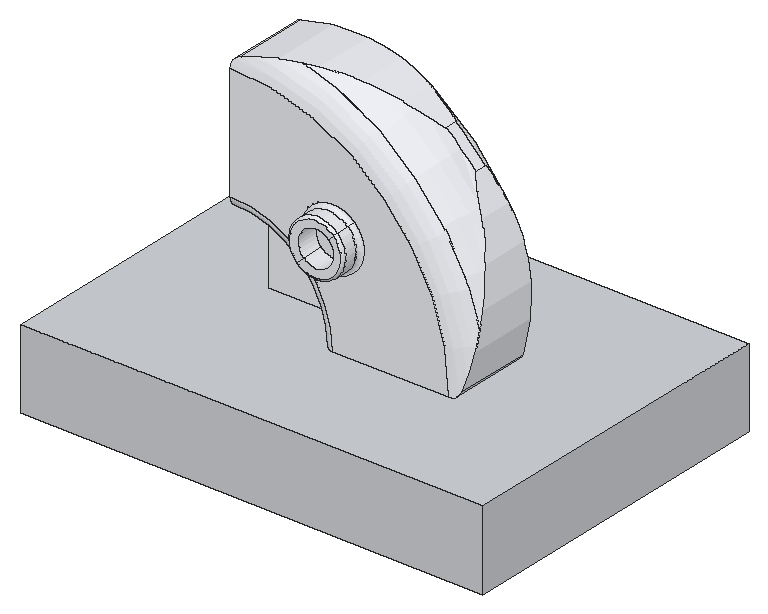
Revit family
Parameters (values of type "L.101_Branco Gelo GE17")
  WFU = 0
  Vendido Separadamente = "Sifão para lavatório: Cromado: (1680.C.100.112), Dourado (1680.D.100.112).   Slim: Cromado (1684.C.100.112), Dourado (1684.D.100.112).  Quadra: Cromado (1685.C.100.112). Articulado: Cromado (1682.C.100.112). Válvulas de escoamentos compatíveis: Luxo: Cromado (1601.C), Branco (1601.E.BR); Click: Cromado (1601.C.CLI) Competitivo: Cromado (1602.C), Dourado (1602.D); Tampão plástico: Cromado (1602.C.PLA).                                                                                                                                                                                                                                   Parafuso para fixação:  (SP.07.01).    Estabilizador para lavatório suspenso: (SP.9.01)"  # constant formula
  Variações de COR = "Branco (L.101.17); Caramelo (L.101.23); Creme (L.101.37); Cinza (L.101.87)."  # constant formula
  URL = "www.deca.com.br/produtos"
  Segmento = "Competitivo"  # constant formula
  Raio Ponto de Esgoto = 20 mm  # constant formula
  Produto = "Lavatório suspenso de canto"  # constant formula
  Peso Liquido (Kg) = 5.1
  Norma = "ABNT NBR 15097-1: 2011 / ABNT NBR 15097-2: 2011"  # constant formula
  Model = Código  # "L.101.17"
  Material = "Deca_Vitreous China"  # constant formula
  Manufacturer = "Deca"  # constant formula
  Louça/Metais = "Louça"  # constant formula
  Linha = "Izy"  # constant formula
  Lavatório = Deca GE17 Branco Gelo Cerâmica
  Informações Complementares = ""
  Flow Pressure = 0.00 psi
  Diâmetro Ponto de Esgoto = Raio Ponto de Esgoto * 2  # 40 mm
  Description = "Lavatório suspenso"  # constant formula
  Default Elevation = 800 mm
  Código = "L.101.17"
  Criado por = "Contino/quattroD"  # constant formula
  Atendimento ao Cliente = "0800-0117073 "  # constant formula
  Assembly Code = "D2010300"
  Aprovado por = "Contino/quattroD"  # constant formula
  Acompanha do Producto = ""
Types (4, lengths in mm): name | Model | Lavatório | Código
  L.101_Branco Gelo GE17 | "L.101.17" | Deca GE17 Branco Gelo Cerâmica | "L.101.17"
  L.101_Caramelo CA23 | "L.101.23" | Deca CA23 Caramelo Cerâmica | "L.101.23"
  L.101_Creme CR37 | "L.101.37" | Deca CR37 Creme Cerâmica | "L.101.37"
  L.101_Cinza Real CZ87 | "L.101.87" | Deca CZ87 Cinza Real Cerâmica | "L.101.87"
Reference planes
  plane 1 "Center (Front/Back)": y = 0
  plane 2: z = 0
  plane 3 "Center (Left/Right)": x = 0
  plane 4 "Right 1": x = 169.896
  plane 5 "Front  2": z = 299.168
  plane 6 "Left 1": x = -129.259
  plane 7 "Front 1": z = 127.771
  plane 8 "Bottom 1": y = -150
Forms (mm)
  Extrusion 1, solid
    sketch origin (0, 0, 0) x (1, 0, 0) y (0, 1, 0)
      loop
        line (-274.185, 145.426) -> (-274.185, -271.813) -> (307.949, -271.813) -> (307.949, 145.426) -> (-274.185, 145.426)
    from 0 to -100
  Revolve 2, solid, material "Deca GE17 Branco Gelo Cerâmica" <- "Lavatório"
    sketch origin (-129.272, -150, 0) x (0, 1, 0) y (0.707107, 0, 0.707107)
      loop
        line (125.425, 0) -> (125.425, 319.149)
        arc (125.425, 319.149) -> (122.247, 326.822) -> (114.575, 330) r 10.851
        line (114.575, 330) -> (98.772, 330)
        arc (98.772, 330) -> (70.277, 324.719) -> (45.568, 309.577) r 79.513
        arc (45.568, 309.577) -> (33.379, 293.975) -> (27.26, 275.146) r 57.007
        line (27.26, 275.146) -> (27.26, 129.272)
        arc (27.26, 129.272) -> (30.429, 120.798) -> (38.379, 116.481) r 12.917
        line (38.379, 116.481) -> (75.165, 116.481)
        arc (75.165, 116.481) -> (84.143, 112.762) -> (87.863, 103.783) r 12.698
        line (87.863, 103.783) -> (87.863, 0) -> (125.425, 0)
      axis (125.425, 0) -> (27.26, 0)
    angle from -45 to 45
  Extrusion 3, void
    sketch origin (-129.272, -24.575, 0) x (0.707107, 0, -0.707107) y (0.707107, 0, 0.707107)
      loop
        arc (0, 330) -> (115.678, 299.236) -> (197.148, 211.541) r 215.723
        arc (197.148, 211.541) -> (198.862, 204.345) -> (197.148, 197.148) r 15.969
        line (197.148, 197.148) -> (245, 197.148) -> (245, 330) -> (0, 330)
    from -25.47 to 194.023
  Extrusion 4, void
    sketch origin (-129.272, -24.575, 0) x (-0.707107, 0, 0.707107) y (-0.707107, 0, -0.707107)
      loop
        line (0, -330) -> (245, -330) -> (245, -197.148) -> (197.148, -197.148)
        arc (197.148, -197.148) -> (198.862, -204.345) -> (197.148, -211.541) r 15.969
        arc (197.148, -211.541) -> (115.678, -299.236) -> (0, -330) r 215.723
    from -19.441 to 129.303
  Blend 5, void
    base sketch origin (-129.272, -174.575, 0) x (0.707107, 0, -0.707107) y (-0.707107, 0, -0.707107)
      loop
        line (146.71, -210.473) -> (76.716, -140.478) -> (-76.716, -140.478) -> (-146.71, -210.473)
        arc (-146.71, -210.473) -> (0, -290.478) -> (146.71, -210.473) r 174.518
    top sketch origin (-129.272, -174.575, 0) x (0.707107, 0, -0.707107) y (-0.707107, 0, -0.707107)
      loop
        arc (164.879, -219.169) -> (165.162, -207.345) -> (160.852, -196.33) r 30.002
        line (160.852, -196.33) -> (85, -120.478) -> (-85, -120.478) -> (-160.852, -196.33)
        arc (-160.852, -196.33) -> (-165.162, -207.345) -> (-164.879, -219.169) r 30.002
        arc (-164.879, -219.169) -> (0, -310.478) -> (164.879, -219.169) r 194.518
    from 62.954 to 165.055
  Revolve 6, solid, material "Deca GE17 Branco Gelo Cerâmica" <- "Lavatório"
    sketch origin (-125.152, -150, 2.619) x (0, 1, 0) y (0.707107, 0, 0.707107)
      loop
        arc (27.26, 215.478) -> (24.881, 211.892) -> (20.697, 210.883) r 5.887
        line (20.697, 210.883) -> (4.4, 210.883)
        arc (4.4, 210.883) -> (1.859, 210.202) -> (0, 208.342) r 5.08
        line (0, 208.342) -> (0, 176.005) -> (27.26, 176.005) -> (27.26, 215.478)
      axis (27.26, 176.005) -> (0, 176.005)
    angle from 0 to 360
  Revolve 7, void
    sketch origin (-125.152, -132.025, 2.619) x (0, 1, 0) y (0.707107, 0, 0.707107)
      loop
        line (-25.477, 200.478) -> (-25.477, 177.978) -> (26.726, 177.978) -> (26.726, 206.506) -> (20.697, 200.478) -> (-25.477, 200.478)
      axis (26.726, 177.978) -> (-25.477, 177.978)
    angle from 0 to 360
  Extrusion 8, solid, material "Deca GE17 Branco Gelo Cerâmica" <- "Lavatório"
    sketch origin (-129.272, -150, 0) x (0.707107, 0, -0.707107) y (0.707107, 0, 0.707107)
      loop
        line (120.478, 120.478) -> (-120.478, 120.478) -> (0, 0) -> (120.478, 120.478)
      loop
        circle (0, 70.956) r 17.5
    from -150 to -125.425
  Extrusion 9, solid, material "Deca GE17 Branco Gelo Cerâmica" <- "Lavatório"
    sketch origin (0, 0, 0) x (1, 0, 0) y (0, 0, 1)
      loop
        circle (-79.099, 50.173) r 17.5
    from 0 to 2
Cuts and joins
  Extrusion 3, Extrusion 4, Blend 5 cuts Revolve 2
  Blend 5 cuts Extrusion 8
  Revolve 7 cuts Revolve 6
Lines and regions (mm)
  Masking region 1
    outline origin (-129.272, 0, 0) x (0.707107, 0, -0.707107) y (0.707107, 0, 0.707107)
      loop
        arc (0, 330) -> (-115.678, 299.236) -> (-197.148, 211.541) r 215.723
        arc (-197.148, 211.541) -> (-198.862, 204.345) -> (-197.148, 197.148) r 15.969
        line (-197.148, 197.148) -> (0, 0) -> (197.148, 197.148)
        arc (197.148, 197.148) -> (198.862, 204.345) -> (197.148, 211.541) r 15.969
        arc (197.148, 211.541) -> (115.678, 299.236) -> (0, 330) r 215.723
      loop
        circle (0, 70.956) r 17.5
  Masking region 2
    outline origin (0, -24.575, 0) x (0, 1, 0) y (0, 0, 1)
      loop
        line (24.575, 3) -> (24.575, 114.588)
        arc (24.575, 114.588) -> (23.831, 116.565) -> (21.968, 117.562) r 3
        arc (21.968, 117.562) -> (9.552, 124.207) -> (4.593, 137.389) r 20
        line (4.593, 137.389) -> (4.593, 318.087)
        arc (4.593, 318.087) -> (2.299, 326.291) -> (-5.381, 329.975) r 10.319
        arc (-5.381, 329.975) -> (-31.333, 328.291) -> (-56.296, 320.997) r 118.722
        arc (-56.296, 320.997) -> (-70.082, 314.867) -> (-81.661, 305.193) r 54.527
        arc (-81.661, 305.193) -> (-87.939, 296.749) -> (-92.479, 287.256) r 54.527
        arc (-92.479, 287.256) -> (-93.078, 285.522) -> (-93.618, 283.769) r 54.527
        arc (-93.618, 283.769) -> (-95.129, 274.562) -> (-94.993, 265.233) r 52.727
        line (-94.993, 265.233) -> (-95, 223.444)
        arc (-95, 223.444) -> (-97.929, 216.373) -> (-105, 213.444) r 10
        line (-105, 213.444) -> (-124.425, 213.444)
        arc (-124.425, 213.444) -> (-125.133, 213.151) -> (-125.425, 212.444) r 1
        line (-125.425, 212.444) -> (-125.425, 141.073)
        arc (-125.425, 141.073) -> (-125.133, 140.366) -> (-124.425, 140.073) r 1
        line (-124.425, 140.073) -> (-105.312, 140.073)
        arc (-105.312, 140.073) -> (-98.226, 137.129) -> (-95.312, 130.031) r 10
        arc (-95.312, 130.031) -> (-92.052, 121.869) -> (-84.104, 118.117) r 12
        line (-84.104, 118.117) -> (-48.719, 115.778)
        arc (-48.719, 115.778) -> (-40.78, 111.991) -> (-37.556, 103.807) r 12
        line (-37.556, 103.807) -> (-37.556, 0) -> (21.575, 0)
        arc (21.575, 0) -> (23.696, 0.879) -> (24.575, 3) r 3
  Masking region 3
    outline origin (0, 0, 0) x (1, 0, 0) y (0, 1, 0)
      loop
        arc (-115.844, 0) -> (-117.855, -0.772) -> (-118.833, -2.692) r 3.006
        arc (-118.833, -2.692) -> (-123.661, -14.636) -> (-135.371, -20.008) r 17.439
        line (-135.371, -20.008) -> (-193.723, -20.008)
        arc (-193.723, -20.008) -> (-197.933, -21.097) -> (-201.088, -24.091) r 8.686
        arc (-201.088, -24.091) -> (-202.713, -27.91) -> (-203.085, -32.045) r 13.334
        arc (-203.085, -32.045) -> (-202.054, -51.447) -> (-199.52, -70.711) r 250.044
        arc (-199.52, -70.711) -> (-177.556, -107.467) -> (-136.577, -119.887) r 59.366
        line (-136.577, -119.887) -> (-46.685, -119.887)
        arc (-46.685, -119.887) -> (-39.614, -122.816) -> (-36.685, -129.887) r 10
        line (-36.685, -129.887) -> (-36.685, -150) -> (36.685, -150) -> (36.685, -129.887)
        arc (36.685, -129.887) -> (39.614, -122.816) -> (46.685, -119.887) r 10
        line (46.685, -119.887) -> (136.577, -119.887)
        arc (136.577, -119.887) -> (177.556, -107.467) -> (199.52, -70.711) r 59.366
        arc (199.52, -70.711) -> (202.054, -51.447) -> (203.085, -32.045) r 250.044
        arc (203.085, -32.045) -> (202.713, -27.91) -> (201.088, -24.091) r 13.334
        arc (201.088, -24.091) -> (197.933, -21.097) -> (193.723, -20.008) r 8.686
        line (193.723, -20.008) -> (135.371, -20.008)
        arc (135.371, -20.008) -> (123.661, -14.636) -> (118.833, -2.692) r 17.439
        arc (118.833, -2.692) -> (117.855, -0.772) -> (115.844, 0) r 3.006
        line (115.844, 0) -> (-115.844, 0)
  symbolic lines
    curve 1: arc (142.291, 0, 38.388) -> (90.269, 0, 219.541) -> (-90.884, 0, 271.563) r 194.518
    curve 2: arc (123.294, 0, 25.087) -> (134.13, 0, 29.828) -> (142.291, 0, 38.388) r 30.002
    curve 3: line (16.023, 0, 25.087) -> (123.294, 0, 25.087)
    curve 4: arc (-90.884, 0, 271.563) -> (-99.444, 0, 263.402) -> (-104.185, 0, 252.566) r 30.002
    curve 5: line (-104.185, 0, 252.566) -> (-104.185, 0, 145.295)
    curve 6: line (41.11, 0, 0) -> (-129.272, 0, 170.382)
    curve 7: circle (0, 0, 127.771) r 22.5 normal (0, -1, 0)
    curve 8: circle (0, 0, 127.771) r 32.5 normal (0, -1, 0)
    curve 9: line (0, -119.574, 223.444) -> (0, -119.574, 127.771)
    curve 12: line (-46.685, -119.887, 0) -> (46.685, -119.887, 0)
    curve 13: line (-135.371, -20.008, 0) -> (135.371, -20.008, 0)
  model lines
    curve 10: line (-91.473, 0, 37.799) -> (-66.724, 0, 62.548)
    curve 11: line (-91.473, 0, 62.548) -> (-66.724, 0, 37.799)
Dimensions and locks
  plane 6 "Left 1" to plane 4 "Right 1" = 299.155 mm
  plane 4 "Right 1" to plane 6 "Left 1" = 299.155 mm
  plane 5 "Front  2" to Extrusion 1 = 299.168 mm
  plane 7 "Front 1" to Extrusion 1 = 127.771 mm
  plane 8 "Bottom 1" to plane 1 "Center (Front/Back)" = 150 mm  (x2)
  plane 2 to plane 7 "Front 1" to plane 5 "Front  2" = 127.771 mm, 171.397 mm
  plane 2 to plane 5 "Front  2" = 299.168 mm
  aligned: Extrusion 1 to plane 2
  aligned and locked: level to Extrusion 1
Connectors
  piping at (0, -150, 127.771), driven by "Raio Ponto de Esgoto", driven by "Flow Pressure", driven by "WFU"
    settings: on cut or joined group of Revolve 6, Revolve 7, index 1
